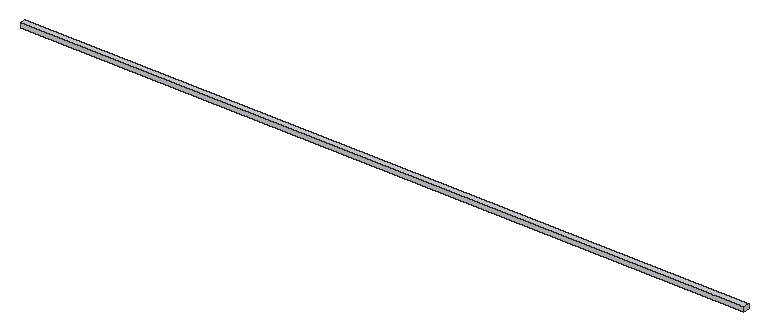
Revit family "ECO BRILLOSA 2835 IP20_S12608.N", category Luminarias, Revit 2019
Family settings
  Cota de conector redondo = Diámetro de uso
  Tipo de pieza = Normal
  Se basa en plano de trabajo = Sí
  Siempre vertical = No
  Corte con vacíos al cargar = No
  Origen de luz = Sí
  Compartido = No
  Punto de cálculo de habitación = No
Parameters (values of type "ECO BRILLOSA 2835 IP20_S12608.N")
  Tilt Angle = 60.00°
  Zone [instance] = ""
  Watt per fixture [instance] = (Longitud / 1000 mm) * (4.8)  # 4.8
  Wattage = 4.8 W
  built-in parameter 1150107 = 4000 (stored number, unit not read)
  built-in parameter 1150110 = 1 (stored number, unit not read)
  built-in parameter 1150109 = 1 (stored number, unit not read)
  built-in parameter 1150112 = 1 (stored number, unit not read)
  built-in parameter 1150113 = 1 (stored number, unit not read)
  built-in parameter 1114218 = 1 (stored number, unit not read)
  built-in parameter 1150142 = "IESNA:LM-63-1995\r\n[TEST]  \r\n[DATE] 2018/06/28\r\n[MANUFAC] BRILLANTE ILUMINACION\r\n[LUMCAT] \r\n[LUMINAIRE] ECOBRILLOSA 2216 IP20\r\n[LAMPCAT] S242210.N.1\r\n[LAMP] ECOBRILLOSA 2216 IP20  4000°K\r\n[BALLASTCAT] \r\n[BALLAST] \r\n[OTHER]  \r\n[More] Temprature:25 Humidity:40\r\n[More] Frequency:DC Voltage:24.0 Current:0.637 Power:15.3 PF:0.000\r\nTILT=NONE\r\n1 1511.000 1.000 13 13 2 2 0.0 1.0 0.0\r\n1.0 1.0 15.3\r\n-90.0 -75.0 -60.0 -45.0 -30.0 -15.0 0.0 15.0 30.0 45.0 60.0 75.0 90.0\r\n-90.0 -75.0 -60.0 -45.0 -30.0 -15.0 0.0 15.0 30.0 45.0 60.0 75.0 90.0\r\n1.906 1.906 1.906 1.906 1.906 1.906 1.906 1.906 1.906 1.906 1.906 1.906 1.906\r\n2.758 17.690 38.274 60.172 79.335 92.029 96.168 92.136 80.118 60.859 39.345 17.063 2.281\r\n2.955 39.604 92.554 145.794 190.140 217.825 224.096 219.092 193.172 149.926 96.992 44.058 5.526\r\n2.474 63.968 148.710 230.139 292.411 327.482 342.311 327.735 291.722 229.479 148.961 64.789 6.270\r\n2.401 77.706 187.572 285.995 365.704 413.164 429.354 414.646 369.533 296.020 197.201 86.883 6.383\r\n2.329 94.690 220.915 331.885 415.929 462.959 478.864 461.014 411.972 328.174 217.392 93.980 6.065\r\n2.295 93.866 223.998 341.034 426.980 479.929 498.028 480.354 429.079 346.742 233.291 103.141 5.708\r\n2.326 94.089 222.344 333.968 416.110 466.978 483.246 465.432 414.071 331.397 220.802 94.586 5.859\r\n2.324 77.594 188.587 288.474 368.018 415.737 432.235 416.393 368.539 297.114 197.308 86.300 6.017\r\n2.426 64.311 150.524 232.976 295.420 333.979 344.435 333.055 291.182 231.588 148.652 63.748 5.357\r\n2.515 39.176 93.088 147.001 191.902 219.635 229.897 221.305 193.943 150.395 96.891 43.569 4.476\r\n2.902 18.455 40.041 63.257 82.873 95.757 99.537 95.518 83.129 63.687 40.070 18.802 2.234\r\n1.913 1.913 1.913 1.913 1.913 1.913 1.913 1.913 1.913 1.913 1.913 1.913 1.913\r\n"
  built-in parameter 1150137 = (empty or 0)
  built-in parameter 1150132 = (empty or 0)
  Modelo = "S12608.N"
  Lámpara = "2835 SMD"
  Longitud de línea de emisión = 600 mm
  Longitud [instance] = 1000 mm
  built-in parameter 1150105 = 51563.8 (stored number, unit not read)
  built-in parameter 1150102 = (empty or 0)
  built-in parameter 1150106 = 515.64 (stored number, unit not read)
  Lumens = 537.6 lm
  Color Filter = 16777215
  built-in parameter 1114217 = 1 (stored number, unit not read)
  built-in parameter 1150139 = (empty or 0)
  Fabricante = "BRILLANT"
  Default Elevation = 0 mm
  built-in parameter 1150104 = 10.405 (stored number, unit not read)
  Descripción = "TIRA LED ECOBRILLOSA 8MM DE ANCHO IP20 USO PARA INTERIORES, DE PCB BLANCO SIN RECUBRIMIENTO, MONO CROMATICA, CON UNA POTENCIA DE 4.8W/M DE UN TIPO DE LED 2835 SMD, IRC80, 60 LEDS POR METRO, PRESENTACION DE 5M, TEMPERATURA EN BLANCO FRIO 4000K, 520 LUMENES POR METRO, EFICIENCIA DE 112 LM/W, CORTE A 5CM, ALIMENTADA A 12V, REQUIERE ACCESORIOS COMO FUENTE DE PODER Y CABLE DE ALIMENTACION. PERFIL EN CASO DE SER NECESARIO."
  built-in parameter 1150115 = 1 (stored number, unit not read)
  built-in parameter 1150114 = 1 (stored number, unit not read)
  Cost = 0
  Comentarios de vataje = "12V"
  built-in parameter 1150138 = (empty or 0)
  built-in parameter 1150134 = 12
  Circuit [instance] = ""
  Dimming Lamp Color Temperature Shift = (empty or 0)
  Archivo de red fotométrica = "S242210.N.1.IES.IES"
  Ancho = 8 mm
  built-in parameter 1150133 = 10 (stored number, unit not read)
Reference planes
  plane 1 "Centro (Frontal/Posterior)": y = 0
  plane 2: z = 0
  plane 3 "Centro (Izquierda/Derecha)": x = 0
  plane 4: x = 0
  plane 5: z = 12
  plane 6: x = -1000
  plane 7: y = 4
  plane 8: y = -4
Forms (mm)
  Extrusion 1, solid
    sketch origin (0, 0, 0) x (1, 0, 0) y (0, 1, 0)
      loop
        line (-1000, 4) -> (-1000, -4) -> (0, -4) -> (0, 4) -> (-1000, 4)
    from 0 to 6.038
Dimensions and locks
  "Longitud": plane 6 to plane 4
  equal spacing: plane 7, plane 1 "Centro (Frontal/Posterior)", plane 8
  plane 1 "Centro (Frontal/Posterior)" to plane 7 = 4 mm
  "Ancho": plane 7 to plane 8
  "Longitud": plane 6 to plane 3 "Centro (Izquierda/Derecha)"
  aligned and locked: level to plane 2
  aligned and locked: Extrusion 1 to plane 4
  aligned and locked: plane 6 to Extrusion 1
  aligned and locked: plane 3 "Centro (Izquierda/Derecha)" to Extrusion 1
  aligned and locked: Extrusion 1 to plane 7
  aligned and locked: Extrusion 1 to plane 8
Automatic sketch dimensions
  Extrusion 1 sketch curve to plane 6 = 0 mm
  Extrusion 1 sketch curve to plane 3 "Centro (Izquierda/Derecha)" = 0 mm
  plane 1 "Centro (Frontal/Posterior)" to Extrusion 1 sketch curve = 4 mm
  Extrusion 1 sketch curve to plane 1 "Centro (Frontal/Posterior)" = 4 mm
Connectors
  electrical at (0, 0, 3.019)
    settings: on Extrusion 1, index 1, voltage 12 V, apparent load 0 VA, apparent load phase1 0 VA, apparent load phase2 0 VA, apparent load phase3 0 VA, power factor 1, load classification "Otro", number of poles 1, system type 31, power factor state 1, is connector primary yes, connector utility no, sub classification motor no, connector description ""
